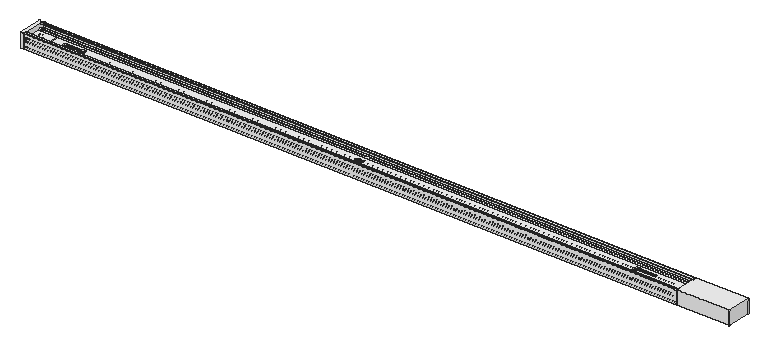
Revit family "SD1010BR_SD1010PTO", category Luminárias, Revit 2023
Family settings
  Hospedeiro = Forro
  Cota do conector redondo = Utilizar diâmetro
  Tipo de parte = Normal
  Número OmniClass = 23.80.70.11
  Título OmniClass = Luminaries for Internal Lighting
  Sempre na vertical = Sim
  Corte com vazios quando carregada = Não
  Fonte luminosa = Não
  Manter orientação da anotação = Não
  Compartilhado = Não
  Ponto de cálculo do ambiente = Não
Parameters (values of type "SD1010BR - BRANCO - 1m")
  URL = "https://stella.com.br/"
  Tensão Elétrica = "127V-220V"
  Referência = "SD1010BR"
  Potência máxima = 1000 W
  Modelo = "Trilho ECO de Sobrepor\r\n\r\nTrilho ECO de Sobrepor\r\nTrace - Trilho de Sobrepor 1m"
  Largura = 0.035 m
  Grau de proteção (IP) = "IP20"
  Fabricante = "Stella"
  Estrutura = Al - Branco
  Elevação padrão = 0.00 m
  Comprimento = 1.00 m
  Altura = 0.021 m
Types (3, lengths in m): name | Referência | Estrutura
  (no name) | "SD1010BR" | Al - Branco
  SD1010BR - BRANCO - 1m | "SD1010BR" | Al - Branco
  SD1010PTO - PRETO - 1m | "SD1010PTO" | Al - Preto
Reference planes (m)
  plane 1 "Eixo de origem da luz (F/T)": y = 0
  plane 2 "Forro": z = 2.5
  plane 3 "Eixo de origem da luz (E/D)": x = 0
  plane 4 "Elevação da origem da luz": z = 2.479
  plane 5: y = 0.0175
  plane 6: y = -0.0175
  plane 7: x = -0.5
  plane 8: x = 0.5
  plane 9 "Inferior": z = 2.479
  plane 10 "Superior": z = 2.5
Forms (m)
  Extrusion 1, solid, material "Al - Branco" <- "Estrutura"
    sketch origin (0, 0, 0) x (0, 1, 0) y (0, 0, 1)
      loop
        line (0.012852, 2.4988) -> (0.0162, 2.4988) -> (0.0162, 2.4936) -> (0.0114, 2.4936)
        arc (0.0114, 2.4936) -> (0.01, 2.494805) -> (0.0086, 2.4936) r 0.001416
        line (0.0086, 2.4936) -> (-0.0086, 2.4936)
        arc (-0.0086, 2.4936) -> (-0.01, 2.494805) -> (-0.0114, 2.4936) r 0.001416
        line (-0.0114, 2.4936) -> (-0.0162, 2.4936) -> (-0.0162, 2.4988) -> (-0.012852, 2.4988)
        spline (-0.012852, 2.4988) -> (-0.012795, 2.498814) -> (-0.012742, 2.498854) -> (-0.012697, 2.498917) -> (-0.012662, 2.499) -> (-0.01264, 2.499096) -> (-0.012633, 2.4992) -> (-0.01264, 2.499304) -> (-0.012662, 2.4994) -> (-0.012697, 2.499483) -> (-0.012742, 2.499546) -> (-0.012795, 2.499586) -> (-0.012852, 2.4996)
        line (-0.012852, 2.4996) -> (-0.0162, 2.4996)
        spline (-0.0162, 2.4996) -> (-0.016214, 2.499704) -> (-0.016254, 2.4998) -> (-0.016317, 2.499883) -> (-0.0164, 2.499946) -> (-0.016496, 2.499986) -> (-0.0166, 2.5) -> (-0.016704, 2.499986) -> (-0.0168, 2.499946) -> (-0.016883, 2.499883) -> (-0.016946, 2.4998) -> (-0.016986, 2.499704) -> (-0.017, 2.4996)
        line (-0.017, 2.4996) -> (-0.017, 2.4805) -> (-0.0083, 2.4805)
        arc (-0.0083, 2.4805) -> (-0.007815, 2.480664) -> (-0.007529, 2.481088) r 0.0008
        line (-0.007529, 2.481088) -> (-0.007529, 2.481912)
        arc (-0.007529, 2.481912) -> (-0.007815, 2.482336) -> (-0.0083, 2.4825) r 0.0008
        line (-0.0083, 2.4825) -> (-0.0094, 2.4825)
        arc (-0.0094, 2.4825) -> (-0.009824, 2.482324) -> (-0.01, 2.4819) r 0.0006
        arc (-0.01, 2.4819) -> (-0.010176, 2.481476) -> (-0.0106, 2.4813) r 0.0006
        line (-0.0106, 2.4813) -> (-0.0135, 2.4813) -> (-0.0135, 2.48285)
        spline (-0.0135, 2.48285) -> (-0.013514, 2.482937) -> (-0.013554, 2.483018) -> (-0.013617, 2.483087) -> (-0.0137, 2.483141) -> (-0.013796, 2.483174) -> (-0.0139, 2.483186) -> (-0.014004, 2.483174) -> (-0.0141, 2.483141) -> (-0.014183, 2.483087) -> (-0.014246, 2.483018) -> (-0.014286, 2.482937) -> (-0.0143, 2.48285)
        line (-0.0143, 2.48285) -> (-0.0143, 2.4813) -> (-0.015611, 2.4813)
        arc (-0.015611, 2.4813) -> (-0.016027, 2.481473) -> (-0.0162, 2.481889) r 0.000589
        line (-0.0162, 2.481889) -> (-0.0162, 2.492214)
        arc (-0.0162, 2.492214) -> (-0.016059, 2.492595) -> (-0.015705, 2.492793) r 0.000586
        line (-0.015705, 2.492793) -> (-0.014795, 2.492793)
        arc (-0.014795, 2.492793) -> (-0.014441, 2.492595) -> (-0.0143, 2.492214) r 0.000586
        line (-0.0143, 2.492214) -> (-0.0143, 2.491289)
        spline (-0.0143, 2.491289) -> (-0.014286, 2.491195) -> (-0.014246, 2.491108) -> (-0.014183, 2.491033) -> (-0.0141, 2.490975) -> (-0.014004, 2.490939) -> (-0.0139, 2.490926) -> (-0.013796, 2.490939) -> (-0.0137, 2.490975) -> (-0.013617, 2.491033) -> (-0.013554, 2.491108) -> (-0.013514, 2.491195) -> (-0.0135, 2.491289)
        line (-0.0135, 2.491289) -> (-0.0135, 2.492214)
        arc (-0.0135, 2.492214) -> (-0.013328, 2.492628) -> (-0.012914, 2.4928) r 0.000586
        line (-0.012914, 2.4928) -> (0.012914, 2.4928)
        arc (0.012914, 2.4928) -> (0.013328, 2.492628) -> (0.0135, 2.492214) r 0.000586
        line (0.0135, 2.492214) -> (0.0135, 2.491289)
        spline (0.0135, 2.491289) -> (0.013514, 2.491195) -> (0.013554, 2.491108) -> (0.013617, 2.491033) -> (0.0137, 2.490975) -> (0.013796, 2.490939) -> (0.0139, 2.490926) -> (0.014004, 2.490939) -> (0.0141, 2.490975) -> (0.014183, 2.491033) -> (0.014246, 2.491108) -> (0.014286, 2.491195) -> (0.0143, 2.491289)
        line (0.0143, 2.491289) -> (0.0143, 2.492214)
        arc (0.0143, 2.492214) -> (0.014441, 2.492595) -> (0.014795, 2.492793) r 0.000586
        line (0.014795, 2.492793) -> (0.015705, 2.492793)
        arc (0.015705, 2.492793) -> (0.016059, 2.492595) -> (0.0162, 2.492214) r 0.000586
        line (0.0162, 2.492214) -> (0.0162, 2.481889)
        arc (0.0162, 2.481889) -> (0.016027, 2.481473) -> (0.015611, 2.4813) r 0.000589
        line (0.015611, 2.4813) -> (0.0143, 2.4813) -> (0.0143, 2.48285)
        spline (0.0143, 2.48285) -> (0.014286, 2.482937) -> (0.014246, 2.483018) -> (0.014183, 2.483087) -> (0.0141, 2.483141) -> (0.014004, 2.483174) -> (0.0139, 2.483186) -> (0.013796, 2.483174) -> (0.0137, 2.483141) -> (0.013617, 2.483087) -> (0.013554, 2.483018) -> (0.013514, 2.482937) -> (0.0135, 2.48285)
        line (0.0135, 2.48285) -> (0.0135, 2.4813) -> (0.0106, 2.4813)
        arc (0.0106, 2.4813) -> (0.010176, 2.481476) -> (0.01, 2.4819) r 0.0006
        arc (0.01, 2.4819) -> (0.009824, 2.482324) -> (0.0094, 2.4825) r 0.0006
        line (0.0094, 2.4825) -> (0.0083, 2.4825)
        arc (0.0083, 2.4825) -> (0.007815, 2.482336) -> (0.007529, 2.481912) r 0.0008
        line (0.007529, 2.481912) -> (0.007529, 2.481088)
        arc (0.007529, 2.481088) -> (0.007815, 2.480664) -> (0.0083, 2.4805) r 0.0008
        line (0.0083, 2.4805) -> (0.013227, 2.4805)
        arc (0.013227, 2.4805) -> (0.013632, 2.480332) -> (0.0138, 2.479927) r 0.000573
        line (0.0138, 2.479927) -> (0.0138, 2.479) -> (0.0162, 2.479)
        arc (0.0162, 2.479) -> (0.016766, 2.479234) -> (0.017, 2.4798) r 0.0008
        line (0.017, 2.4798) -> (0.017, 2.4996)
        spline (0.017, 2.4996) -> (0.016986, 2.499704) -> (0.016946, 2.4998) -> (0.016883, 2.499883) -> (0.0168, 2.499946) -> (0.016704, 2.499986) -> (0.0166, 2.5) -> (0.016496, 2.499986) -> (0.0164, 2.499946) -> (0.016317, 2.499883) -> (0.016254, 2.4998) -> (0.016214, 2.499704) -> (0.0162, 2.4996)
        line (0.0162, 2.4996) -> (0.012852, 2.4996)
        spline (0.012852, 2.4996) -> (0.012795, 2.499586) -> (0.012742, 2.499546) -> (0.012697, 2.499483) -> (0.012662, 2.4994) -> (0.01264, 2.499304) -> (0.012633, 2.4992) -> (0.01264, 2.499096) -> (0.012662, 2.499) -> (0.012697, 2.498917) -> (0.012742, 2.498854) -> (0.012795, 2.498814) -> (0.012852, 2.4988)
      loop
        circle (-0.009634, 2.487) r 0.001
      loop
        circle (0.009634, 2.487) r 0.001
    from -0.4945 to 0.4255
  Extrusion 2, solid, material "Al - Branco" <- "Estrutura"
    sketch origin (0, 0, 0) x (0, 1, 0) y (0, 0, 1)
      loop
        line (0.013671, 2.4893) -> (0.0085, 2.4893)
        arc (0.0085, 2.4893) -> (0.007991, 2.48865) -> (0.0085, 2.488) r 0.000669
        line (0.0085, 2.488) -> (0.009865, 2.488)
        spline (0.009865, 2.488) -> (0.010106, 2.487966) -> (0.01033, 2.487866) -> (0.010523, 2.487707) -> (0.010671, 2.4875) -> (0.010763, 2.487259) -> (0.010795, 2.487) -> (0.010763, 2.486741) -> (0.010671, 2.4865) -> (0.010523, 2.486293) -> (0.01033, 2.486134) -> (0.010106, 2.486034) -> (0.009865, 2.486)
        line (0.009865, 2.486) -> (0.0085, 2.486)
        arc (0.0085, 2.486) -> (0.007991, 2.48535) -> (0.0085, 2.4847) r 0.000669
        line (0.0085, 2.4847) -> (0.013671, 2.4847)
        arc (0.013671, 2.4847) -> (0.014166, 2.484495) -> (0.014371, 2.484) r 0.0007
        line (0.014371, 2.484) -> (0.014371, 2.482452)
        spline (0.014371, 2.482452) -> (0.014391, 2.482322) -> (0.014451, 2.482201) -> (0.014546, 2.482097) -> (0.014671, 2.482017) -> (0.014815, 2.481967) -> (0.014971, 2.48195) -> (0.015126, 2.481967) -> (0.015271, 2.482017) -> (0.015395, 2.482097) -> (0.01549, 2.482201) -> (0.01555, 2.482322) -> (0.015571, 2.482452)
        line (0.015571, 2.482452) -> (0.015571, 2.485276)
        arc (0.015571, 2.485276) -> (0.015307, 2.485912) -> (0.014671, 2.486176) r 0.0009
        line (0.014671, 2.486176) -> (0.013147, 2.486176)
        spline (0.013147, 2.486176) -> (0.012968, 2.486207) -> (0.012801, 2.486298) -> (0.012657, 2.486443) -> (0.012547, 2.486632) -> (0.012478, 2.486852) -> (0.012454, 2.487088) -> (0.012478, 2.487324) -> (0.012547, 2.487544) -> (0.012657, 2.487733) -> (0.012801, 2.487878) -> (0.012968, 2.487969) -> (0.013147, 2.488)
        line (0.013147, 2.488) -> (0.014671, 2.488)
        arc (0.014671, 2.488) -> (0.015307, 2.488264) -> (0.015571, 2.4889) r 0.0009
        line (0.015571, 2.4889) -> (0.015571, 2.49148)
        spline (0.015571, 2.49148) -> (0.01555, 2.49161) -> (0.01549, 2.491731) -> (0.015395, 2.491835) -> (0.015271, 2.491914) -> (0.015126, 2.491965) -> (0.014971, 2.491982) -> (0.014815, 2.491965) -> (0.014671, 2.491914) -> (0.014546, 2.491835) -> (0.014451, 2.491731) -> (0.014391, 2.49161) -> (0.014371, 2.49148)
        line (0.014371, 2.49148) -> (0.014371, 2.49)
        arc (0.014371, 2.49) -> (0.014166, 2.489505) -> (0.013671, 2.4893) r 0.0007
      loop
        arc (-0.013671, 2.4893) -> (-0.014166, 2.489505) -> (-0.014371, 2.49) r 0.0007
        line (-0.014371, 2.49) -> (-0.014371, 2.49148)
        spline (-0.014371, 2.49148) -> (-0.014391, 2.49161) -> (-0.014451, 2.491731) -> (-0.014546, 2.491835) -> (-0.014671, 2.491914) -> (-0.014815, 2.491965) -> (-0.014971, 2.491982) -> (-0.015126, 2.491965) -> (-0.015271, 2.491914) -> (-0.015395, 2.491835) -> (-0.01549, 2.491731) -> (-0.01555, 2.49161) -> (-0.015571, 2.49148)
        line (-0.015571, 2.49148) -> (-0.015571, 2.4889)
        arc (-0.015571, 2.4889) -> (-0.015307, 2.488264) -> (-0.014671, 2.488) r 0.0009
        line (-0.014671, 2.488) -> (-0.013147, 2.488)
        spline (-0.013147, 2.488) -> (-0.012968, 2.487969) -> (-0.012801, 2.487878) -> (-0.012657, 2.487733) -> (-0.012547, 2.487544) -> (-0.012478, 2.487324) -> (-0.012454, 2.487088) -> (-0.012478, 2.486852) -> (-0.012547, 2.486632) -> (-0.012657, 2.486443) -> (-0.012801, 2.486298) -> (-0.012968, 2.486207) -> (-0.013147, 2.486176)
        line (-0.013147, 2.486176) -> (-0.014671, 2.486176)
        arc (-0.014671, 2.486176) -> (-0.015307, 2.485912) -> (-0.015571, 2.485276) r 0.0009
        line (-0.015571, 2.485276) -> (-0.015571, 2.482452)
        spline (-0.015571, 2.482452) -> (-0.01555, 2.482322) -> (-0.01549, 2.482201) -> (-0.015395, 2.482097) -> (-0.015271, 2.482017) -> (-0.015126, 2.481967) -> (-0.014971, 2.48195) -> (-0.014815, 2.481967) -> (-0.014671, 2.482017) -> (-0.014546, 2.482097) -> (-0.014451, 2.482201) -> (-0.014391, 2.482322) -> (-0.014371, 2.482452)
        line (-0.014371, 2.482452) -> (-0.014371, 2.484)
        arc (-0.014371, 2.484) -> (-0.014166, 2.484495) -> (-0.013671, 2.4847) r 0.0007
        line (-0.013671, 2.4847) -> (-0.0085, 2.4847)
        arc (-0.0085, 2.4847) -> (-0.007991, 2.48535) -> (-0.0085, 2.486) r 0.000669
        line (-0.0085, 2.486) -> (-0.009865, 2.486)
        spline (-0.009865, 2.486) -> (-0.010106, 2.486034) -> (-0.01033, 2.486134) -> (-0.010523, 2.486293) -> (-0.010671, 2.4865) -> (-0.010763, 2.486741) -> (-0.010795, 2.487) -> (-0.010763, 2.487259) -> (-0.010671, 2.4875) -> (-0.010523, 2.487707) -> (-0.01033, 2.487866) -> (-0.010106, 2.487966) -> (-0.009865, 2.488)
        line (-0.009865, 2.488) -> (-0.0085, 2.488)
        arc (-0.0085, 2.488) -> (-0.007991, 2.48865) -> (-0.0085, 2.4893) r 0.000669
        line (-0.0085, 2.4893) -> (-0.013671, 2.4893)
    from -0.4945 to 0.4255
  Extrusion 3, solid, material "Al - Branco" <- "Estrutura"
    sketch origin (0, 0, 2.479) x (0, -1, 0) y (1, 0, 0)
      loop
        line (-0.017, 0.4985) -> (-0.017, 0.4255) -> (0.017, 0.4255) -> (0.017, 0.4985)
        arc (0.017, 0.4985) -> (0.016707, 0.499207) -> (0.016, 0.4995) r 0.001
        line (0.016, 0.4995) -> (-0.016, 0.4995)
        arc (-0.016, 0.4995) -> (-0.016707, 0.499207) -> (-0.017, 0.4985) r 0.001
    from 0.0015 to 0.021
  Extrusion 4, solid, material "Al - Branco" <- "Estrutura"
    sketch origin (0, -0.000836, 2.479) x (0, -1, 0) y (1, 0, 0)
      loop
        arc (0.002464, 0.3925) -> (0.005293, 0.393672) -> (0.006464, 0.3965) r 0.004
        line (0.006464, 0.3965) -> (0.006464, 0.4255) -> (-0.0073, 0.4255) -> (-0.0073, 0.3965)
        arc (-0.0073, 0.3965) -> (-0.006129, 0.393672) -> (-0.0033, 0.3925) r 0.004
        line (-0.0033, 0.3925) -> (0.002464, 0.3925)
    from 0.0015 to 0.0135
  Extrusion 5, solid, material "Al - Branco" <- "Estrutura"
    sketch origin (0, -0.000836, 2.479) x (0, -1, 0) y (1, 0, 0)
      loop
        arc (-0.0075, 0.394169) -> (-0.00556, 0.392933) -> (-0.0033, 0.3925) r 0.006118
        arc (-0.0033, 0.3925) -> (-0.006129, 0.393672) -> (-0.0073, 0.3965) r 0.004
        line (-0.0073, 0.3965) -> (-0.0073, 0.4255) -> (-0.00872, 0.4255) -> (-0.00872, 0.396786)
        arc (-0.00872, 0.396786) -> (-0.00836, 0.395361) -> (-0.0075, 0.394169) r 0.003914
    from 0.0035 to 0.0057
  Extrusion 6, solid, material "Al - Branco" <- "Estrutura"
    sketch origin (0, 0, 2.479) x (0, -1, 0) y (1, 0, 0)
      loop
        arc (0.0075, 0.394169) -> (0.00836, 0.395361) -> (0.00872, 0.396786) r 0.003914
        line (0.00872, 0.396786) -> (0.00872, 0.4255) -> (0.0073, 0.4255) -> (0.0073, 0.3965)
        arc (0.0073, 0.3965) -> (0.006129, 0.393672) -> (0.0033, 0.3925) r 0.004
        arc (0.0033, 0.3925) -> (0.00556, 0.392933) -> (0.0075, 0.394169) r 0.006118
    from 0.0035 to 0.0057
  Extrusion 7, solid, material "Al - Branco" <- "Estrutura"
    sketch origin (0, 0, 2.484) x (0, -1, 0) y (1, 0, 0)
      loop
        arc (0.0075, 0.394169) -> (0.00836, 0.395361) -> (0.00872, 0.396786) r 0.003914
        line (0.00872, 0.396786) -> (0.00872, 0.4255) -> (0.0073, 0.4255) -> (0.0073, 0.3965)
        arc (0.0073, 0.3965) -> (0.006129, 0.393672) -> (0.0033, 0.3925) r 0.004
        arc (0.0033, 0.3925) -> (0.00556, 0.392933) -> (0.0075, 0.394169) r 0.006118
    from 0.006 to 0.0085
  Extrusion 8, solid, material "Al - Branco" <- "Estrutura"
    sketch origin (0, -0.000836, 2.484) x (0, -1, 0) y (1, 0, 0)
      loop
        arc (-0.0075, 0.394169) -> (-0.00556, 0.392933) -> (-0.0033, 0.3925) r 0.006118
        arc (-0.0033, 0.3925) -> (-0.006129, 0.393672) -> (-0.0073, 0.3965) r 0.004
        line (-0.0073, 0.3965) -> (-0.0073, 0.4255) -> (-0.00872, 0.4255) -> (-0.00872, 0.396786)
        arc (-0.00872, 0.396786) -> (-0.00836, 0.395361) -> (-0.0075, 0.394169) r 0.003914
    from 0.006 to 0.0085
  Extrusion 9, solid, material "Al - Branco" <- "Estrutura"
    sketch origin (0, 0, 2.479) x (0, 1, 0) y (-1, 0, 0)
      loop
        arc (0.017, 0.4985) -> (0.016707, 0.499207) -> (0.016, 0.4995) r 0.001
        line (0.016, 0.4995) -> (-0.016, 0.4995)
        arc (-0.016, 0.4995) -> (-0.016707, 0.499207) -> (-0.017, 0.4985) r 0.001
        line (-0.017, 0.4985) -> (-0.017, 0.4945) -> (0.017, 0.4945) -> (0.017, 0.4985)
    from 0.0015 to 0.021
  Sweep 10, solid, material "Al - Branco" <- "Estrutura"
    path origin (0.000002, -0.000005, 2.479) x (0, -1, 0) y (1, 0, 0)
      loop
        line (-0.011919, -0.4945) -> (-0.011919, -0.472)
        arc (-0.011919, -0.472) -> (-0.011187, -0.470232) -> (-0.009419, -0.4695) r 0.0025
        line (-0.009419, -0.4695) -> (0.009409, -0.4695)
        arc (0.009409, -0.4695) -> (0.011177, -0.470232) -> (0.011909, -0.472) r 0.0025
        line (0.011909, -0.472) -> (0.011909, -0.4945)
    profile origin (-0.483248, 0.011914, 2.479) x (0, 1, 0) y (0, 0, 1)
      loop
        arc (-0.00125, 0.01111) -> (0, 0.01236) -> (-0.00125, 0.01361) r 0.00125
        line (-0.00125, 0.01361) -> (-0.00245, 0.01361) -> (-0.00245, 0.01111) -> (-0.00125, 0.01111)
  Extrusion 11, solid, material "Al - Branco" <- "Estrutura"
    sketch origin (0, 0.05, 0) x (0, 1, 0) y (0, 0, 1)
      loop
        line (-0.040536, 2.49011) -> (-0.040536, 2.49261) -> (-0.059464, 2.49261) -> (-0.059464, 2.49011) -> (-0.040536, 2.49011)
    from -0.494498 to -0.471948
  Extrusion 12, solid, material "Al - Branco" <- "Estrutura"
    sketch origin (0, 0.05, -0.0075) x (0, 1, 0) y (0, 0, 1)
      loop
        line (-0.042504, 2.49011) -> (-0.042504, 2.49261) -> (-0.057466, 2.49261) -> (-0.057466, 2.49011) -> (-0.042504, 2.49011)
    from -0.494498 to -0.48295
  Sweep 13, solid, material "Al - Branco" <- "Estrutura"
    path origin (0.000002, -0.000005, 2.4715) x (0, -1, 0) y (1, 0, 0)
      loop
        line (-0.009951, -0.494502) -> (-0.009951, -0.483002)
        arc (-0.009951, -0.483002) -> (-0.009219, -0.481234) -> (-0.007451, -0.480502) r 0.0025
        line (-0.007451, -0.480502) -> (0.00741, -0.480502)
        arc (0.00741, -0.480502) -> (0.009178, -0.481234) -> (0.00991, -0.483002) r 0.0025
        line (0.00991, -0.483002) -> (0.00991, -0.494502)
    profile origin (-0.48875, 0.009946, 2.4715) x (0, 1, 0) y (0, 0, 1)
      loop
        arc (-0.00125, 0.01111) -> (0, 0.01236) -> (-0.00125, 0.01361) r 0.00125
        line (-0.00125, 0.01361) -> (-0.00245, 0.01361) -> (-0.00245, 0.01111) -> (-0.00125, 0.01111)
  Extrusion 14, void
    sketch origin (0, 0, 2.479) x (0, -1, 0) y (1, 0, 0)
      loop
        arc (0.002008, -0.427807) -> (-0.000242, -0.4205) -> (-0.002492, -0.427807) r 0.004
        line (-0.002492, -0.427807) -> (-0.002492, -0.4495)
        arc (-0.002492, -0.4495) -> (-0.001833, -0.451091) -> (-0.000242, -0.45175) r 0.00225
        arc (-0.000242, -0.45175) -> (0.001349, -0.451091) -> (0.002008, -0.4495) r 0.00225
        line (0.002008, -0.4495) -> (0.002008, -0.427807)
      loop
        arc (0.0001, -0.041) -> (0.001868, -0.040268) -> (0.0026, -0.0385) r 0.0025
        line (0.0026, -0.0385) -> (0.0026, -0.0305)
        arc (0.0026, -0.0305) -> (0.0001, -0.028) -> (-0.0024, -0.0305) r 0.0025
        line (-0.0024, -0.0305) -> (-0.0024, -0.0385)
        arc (-0.0024, -0.0385) -> (-0.001668, -0.040268) -> (0.0001, -0.041) r 0.0025
      loop
        arc (-0.000242, 0.3515) -> (0.003581, 0.354323) -> (0.002008, 0.358807) r 0.004
        line (0.002008, 0.358807) -> (0.002008, 0.3805)
        arc (0.002008, 0.3805) -> (-0.000242, 0.38275) -> (-0.002492, 0.3805) r 0.00225
        line (-0.002492, 0.3805) -> (-0.002492, 0.358807)
        arc (-0.002492, 0.358807) -> (-0.004065, 0.354323) -> (-0.000242, 0.3515) r 0.004
    from 0.013793 to 0.021
Cuts and joins
  joined: Extrusion 3, Extrusion 4, Extrusion 5, Extrusion 6, Extrusion 7, Extrusion 8
  joined: Extrusion 9, Sweep 10, Extrusion 11, Extrusion 12, Sweep 13
  Extrusion 14 cuts Extrusion 1
Dimensions and locks (m)
  equal spacing: host sketch curve, plane 3 "Eixo de origem da luz (E/D)", host sketch curve
  equal spacing: host sketch curve, plane 1 "Eixo de origem da luz (F/T)", host sketch curve
  host sketch curve to host sketch curve = 1.01 m
  host sketch curve to host sketch curve = 0.045 m
  "Comprimento": plane 7 to plane 8
  "Largura": plane 5 to plane 6
  "Altura": plane 10 "Superior" to plane 9 "Inferior"
Automatic sketch dimensions
  Extrusion 1 sketch curve to Extrusion 1 sketch curve = 0.00 m  (x10)
  plane 4 "Elevação da origem da luz" to Extrusion 1 sketch curve = 0.00 m
  plane 6 to Extrusion 1 sketch curve = 0.0005 m
  plane 6 to Extrusion 1 sketch curve = 0.0013 m  (x2)
  Extrusion 1 sketch curve to Extrusion 1 sketch curve = 0.0008 m  (x7)
  Extrusion 1 sketch curve to Extrusion 1 sketch curve = 0.000495 m  (x2)
  Extrusion 1 sketch curve to Extrusion 1 sketch curve = 0.000091 m  (x3)
  Extrusion 1 sketch curve to Extrusion 1 sketch curve = 0.000589 m
  Extrusion 1 sketch curve to Extrusion 1 sketch curve = 0.000728 m  (x2)
  Extrusion 1 sketch curve to Extrusion 1 sketch curve = 0.000586 m  (x5)
  Extrusion 1 sketch curve to Extrusion 1 sketch curve = 0.001311 m  (x2)
  Extrusion 1 sketch curve to plane 2 "Forro" = 0.0012 m
  Extrusion 1 sketch curve to Extrusion 1 sketch curve = 0.003348 m
  Extrusion 1 sketch curve to Extrusion 1 sketch curve = 0.001514 m  (x2)
  Extrusion 1 sketch curve to Extrusion 1 sketch curve = 0.0029 m
  Extrusion 1 sketch curve to Extrusion 1 sketch curve = 0.0014 m  (x4)
  Extrusion 1 sketch curve to Extrusion 1 sketch curve = 0.000966 m
  Extrusion 1 sketch curve to Extrusion 1 sketch curve = 0.0012 m  (x2)
  Extrusion 1 sketch curve to Extrusion 1 sketch curve = 0.0011 m  (x3)
  Extrusion 1 sketch curve to Extrusion 1 sketch curve = 0.000771 m  (x2)
  Extrusion 1 sketch curve to plane 4 "Elevação da origem da luz" = 0.002088 m
  Extrusion 1 sketch curve to plane 1 "Eixo de origem da luz (F/T)" = 0.007529 m
  Extrusion 1 sketch curve to plane 1 "Eixo de origem da luz (F/T)" = 0.0086 m
  Extrusion 1 sketch curve to Extrusion 1 sketch curve = 0.000234 m
  Extrusion 1 sketch curve to plane 2 "Forro" = 0.0004 m  (x2)
  Extrusion 1 sketch curve to plane 5 = 0.004648 m
  Extrusion 1 sketch curve to plane 4 "Elevação da origem da luz" = 0.000927 m
  Extrusion 1 sketch curve to Extrusion 1 sketch curve = 0.002627 m
  Extrusion 1 sketch curve to Extrusion 1 sketch curve = 0.000273 m
  Extrusion 1 sketch curve to Extrusion 1 sketch curve = 0.000573 m
  Extrusion 1 sketch curve to plane 5 = 0.0013 m  (x2)
  Extrusion 1 sketch curve to plane 5 = 0.0005 m
  Extrusion 1 sketch curve to plane 4 "Elevação da origem da luz" = 0.0015 m
  Extrusion 1 sketch curve to Extrusion 1 sketch curve = 0.000588 m
  Extrusion 1 sketch curve to plane 4 "Elevação da origem da luz" = 0.0023 m
  Extrusion 1 sketch curve to Extrusion 1 sketch curve = 0.0004 m  (x2)
  Extrusion 1 sketch curve to Extrusion 1 sketch curve = 0.0006 m
  Extrusion 1 sketch curve to Extrusion 1 sketch curve = 0.0002 m
  Extrusion 1 sketch curve to Extrusion 1 sketch curve = 0.000212 m  (x2)
  Extrusion 1 sketch curve to Extrusion 1 sketch curve = 0.00155 m  (x2)
  Extrusion 1 sketch curve to Extrusion 1 sketch curve = 0.0045 m  (x2)
  Extrusion 1 sketch curve to Extrusion 1 sketch curve = 0.004289 m  (x2)
  Extrusion 1 sketch curve to Extrusion 1 sketch curve = 0.000925 m  (x2)
  Extrusion 1 sketch curve to Extrusion 1 sketch curve = 0.00059 m  (x2)
  Extrusion 1 sketch curve to Extrusion 1 sketch curve = 0.000807 m
  Extrusion 1 sketch curve to Extrusion 1 sketch curve = 0.001 m  (x2)
  plane 6 to Extrusion 2 sketch curve = 0.001929 m  (x2)
  Extrusion 2 sketch curve to Extrusion 2 sketch curve = 0.0009 m  (x3)
  Extrusion 2 sketch curve to Extrusion 2 sketch curve = 0.0012 m  (x3)
  Extrusion 2 sketch curve to Extrusion 2 sketch curve = 0.0007 m  (x4)
  Extrusion 2 sketch curve to Extrusion 2 sketch curve = 0.001524 m  (x2)
  Extrusion 2 sketch curve to Extrusion 2 sketch curve = 0.003282 m  (x2)
  Extrusion 2 sketch curve to Extrusion 2 sketch curve = 0.001205 m  (x2)
  Extrusion 2 sketch curve to Extrusion 2 sketch curve = 0.00016 m  (x6)
  Extrusion 2 sketch curve to plane 1 "Eixo de origem da luz (F/T)" = 0.0085 m
  Extrusion 2 sketch curve to Extrusion 2 sketch curve = 0.00 m  (x3)
  Extrusion 2 sketch curve to Extrusion 2 sketch curve = 0.001365 m
  Extrusion 2 sketch curve to Extrusion 2 sketch curve = 0.000524 m  (x2)
  Extrusion 2 sketch curve to Extrusion 2 sketch curve = 0.001 m
  Extrusion 2 sketch curve to plane 4 "Elevação da origem da luz" = 0.003452 m  (x2)
  Extrusion 2 sketch curve to Extrusion 2 sketch curve = 0.001548 m  (x2)
  Extrusion 2 sketch curve to Extrusion 2 sketch curve = 0.001276 m  (x2)
  Extrusion 2 sketch curve to Extrusion 2 sketch curve = 0.00065 m  (x4)
  Extrusion 2 sketch curve to Extrusion 2 sketch curve = 0.002 m  (x2)
  Extrusion 2 sketch curve to Extrusion 2 sketch curve = 0.001824 m  (x2)
  Extrusion 2 sketch curve to Extrusion 2 sketch curve = 0.00148 m  (x2)
  Extrusion 3 sketch curve to plane 5 = 0.0005 m
  Extrusion 3 sketch curve to plane 8 = 0.0005 m
  Extrusion 3 sketch curve to Extrusion 3 sketch curve = 0.001 m
  plane 6 to Extrusion 3 sketch curve = 0.0015 m
  plane 6 to Extrusion 3 sketch curve = 0.0005 m
  Extrusion 3 sketch curve to Extrusion 3 sketch curve = 0.073 m
  Extrusion 4 sketch curve to plane 1 "Eixo de origem da luz (F/T)" = 0.006464 m
  Extrusion 4 sketch curve to plane 1 "Eixo de origem da luz (F/T)" = 0.002464 m
  plane 1 "Eixo de origem da luz (F/T)" to Extrusion 4 sketch curve = 0.0033 m
  Extrusion 4 sketch curve to Extrusion 4 sketch curve = 0.004 m
  Extrusion 4 sketch curve to plane 8 = 0.1075 m
  Extrusion 4 sketch curve to Extrusion 4 sketch curve = 0.029 m
  Extrusion 5 sketch curve to plane 1 "Eixo de origem da luz (F/T)" = 0.007884 m
  Extrusion 5 sketch curve to Extrusion 5 sketch curve = 0.00142 m
  Extrusion 5 sketch curve to Extrusion 5 sketch curve = 0.002487 m
  Extrusion 5 sketch curve to Extrusion 5 sketch curve = 0.001513 m
  Extrusion 5 sketch curve to plane 8 = 0.1035 m
  Extrusion 5 sketch curve to Extrusion 5 sketch curve = 0.000286 m
  Extrusion 5 sketch curve to Extrusion 5 sketch curve = 0.000515 m
  Extrusion 5 sketch curve to Extrusion 5 sketch curve = 0.002118 m
  Extrusion 5 sketch curve to Extrusion 5 sketch curve = 0.026882 m
  Extrusion 5 sketch curve to Extrusion 5 sketch curve = 0.00 m
  plane 1 "Eixo de origem da luz (F/T)" to Extrusion 6 sketch curve = 0.0033 m
  Extrusion 6 sketch curve to Extrusion 6 sketch curve = 0.001513 m
  Extrusion 6 sketch curve to Extrusion 6 sketch curve = 0.002487 m
  Extrusion 6 sketch curve to Extrusion 6 sketch curve = 0.00142 m
  Extrusion 6 sketch curve to plane 8 = 0.1035 m
  Extrusion 6 sketch curve to Extrusion 6 sketch curve = 0.000286 m
  Extrusion 6 sketch curve to Extrusion 6 sketch curve = 0.000515 m
  Extrusion 6 sketch curve to Extrusion 6 sketch curve = 0.002118 m
  Extrusion 6 sketch curve to Extrusion 6 sketch curve = 0.026882 m
  Extrusion 6 sketch curve to Extrusion 6 sketch curve = 0.00 m
  plane 1 "Eixo de origem da luz (F/T)" to Extrusion 7 sketch curve = 0.0033 m
  Extrusion 7 sketch curve to Extrusion 7 sketch curve = 0.001513 m
  Extrusion 7 sketch curve to Extrusion 7 sketch curve = 0.002487 m
  Extrusion 7 sketch curve to Extrusion 7 sketch curve = 0.00142 m
  Extrusion 7 sketch curve to plane 8 = 0.1035 m
  Extrusion 7 sketch curve to Extrusion 7 sketch curve = 0.000286 m
  Extrusion 7 sketch curve to Extrusion 7 sketch curve = 0.000515 m
  Extrusion 7 sketch curve to Extrusion 7 sketch curve = 0.002118 m
  Extrusion 7 sketch curve to Extrusion 7 sketch curve = 0.026882 m
  Extrusion 7 sketch curve to Extrusion 7 sketch curve = 0.00 m
  Extrusion 8 sketch curve to plane 1 "Eixo de origem da luz (F/T)" = 0.007884 m
  Extrusion 8 sketch curve to Extrusion 8 sketch curve = 0.00142 m
  Extrusion 8 sketch curve to Extrusion 8 sketch curve = 0.002487 m
  Extrusion 8 sketch curve to Extrusion 8 sketch curve = 0.001513 m
  Extrusion 8 sketch curve to plane 8 = 0.1035 m
  Extrusion 8 sketch curve to Extrusion 8 sketch curve = 0.000286 m
  Extrusion 8 sketch curve to Extrusion 8 sketch curve = 0.000515 m
  Extrusion 8 sketch curve to Extrusion 8 sketch curve = 0.002118 m
  Extrusion 8 sketch curve to Extrusion 8 sketch curve = 0.026882 m
  Extrusion 8 sketch curve to Extrusion 8 sketch curve = 0.00 m
  plane 6 to Extrusion 9 sketch curve = 0.0005 m
  plane 7 to Extrusion 9 sketch curve = 0.0005 m
  Extrusion 9 sketch curve to Extrusion 9 sketch curve = 0.001 m
  Extrusion 9 sketch curve to plane 5 = 0.0015 m
  Extrusion 9 sketch curve to plane 5 = 0.0005 m
  Extrusion 9 sketch curve to Extrusion 9 sketch curve = 0.004 m
  Sweep 10 sketch curve to plane 5 = 0.005586 m
  Sweep 10 sketch curve to Sweep 10 sketch curve = 0.0025 m  (x2)
  plane 6 to Sweep 10 sketch curve = 0.008086 m
  plane 7 to Sweep 10 sketch curve = 0.028002 m
  plane 7 to Sweep 10 sketch curve = 0.005502 m  (x2)
  profile plane to Sweep 10 sketch curve = 0.00245 m
  Sweep 10 sketch curve to Sweep 10 sketch curve = 0.0012 m
  Sweep 10 sketch curve to plane 4 "Elevação da origem da luz" = 0.01111 m
  Sweep 10 sketch curve to Sweep 10 sketch curve = 0.00125 m
  plane 6 to Extrusion 11 sketch curve = 0.008036 m
  Extrusion 11 sketch curve to plane 5 = 0.008036 m
  Extrusion 11 sketch curve to plane 2 "Forro" = 0.00989 m
  Extrusion 11 sketch curve to Extrusion 11 sketch curve = 0.0025 m
  Extrusion 12 sketch curve to plane 4 "Elevação da origem da luz" = 0.00361 m
  plane 1 "Eixo de origem da luz (F/T)" to Extrusion 12 sketch curve = 0.007466 m
  Extrusion 12 sketch curve to plane 1 "Eixo de origem da luz (F/T)" = 0.007496 m
  Extrusion 12 sketch curve to Extrusion 12 sketch curve = 0.0025 m
  Sweep 13 sketch curve to plane 5 = 0.007554 m
  Sweep 13 sketch curve to Sweep 13 sketch curve = 0.0025 m  (x2)
  plane 1 "Eixo de origem da luz (F/T)" to Sweep 13 sketch curve = 0.007416 m
  plane 7 to Sweep 13 sketch curve = 0.017 m
  plane 7 to Sweep 13 sketch curve = 0.0055 m  (x2)
  profile plane to Sweep 13 sketch curve = 0.00245 m
  Sweep 13 sketch curve to Sweep 13 sketch curve = 0.0012 m
  profile plane to Sweep 13 sketch curve = 0.01111 m
  Sweep 13 sketch curve to Sweep 13 sketch curve = 0.00125 m
  Extrusion 14 sketch curve to Extrusion 14 sketch curve = 0.00 m  (x6)
  Extrusion 14 sketch curve to plane 1 "Eixo de origem da luz (F/T)" = 0.002492 m  (x2)
  Extrusion 14 sketch curve to plane 1 "Eixo de origem da luz (F/T)" = 0.0024 m
  Extrusion 14 sketch curve to plane 1 "Eixo de origem da luz (F/T)" = 0.000242 m  (x4)
  plane 1 "Eixo de origem da luz (F/T)" to Extrusion 14 sketch curve = 0.0001 m
  plane 7 to Extrusion 14 sketch curve = 0.0505 m
  Extrusion 14 sketch curve to Extrusion 14 sketch curve = 0.021693 m  (x2)
  Extrusion 14 sketch curve to Extrusion 14 sketch curve = 0.003307 m  (x2)
  Extrusion 14 sketch curve to plane 3 "Eixo de origem da luz (E/D)" = 0.0385 m
  Extrusion 14 sketch curve to Extrusion 14 sketch curve = 0.008 m
  Extrusion 14 sketch curve to plane 8 = 0.1445 m
Connectors (m)
  electrical at (0, 0, 2.5)
    settings: index 1, voltage 0 V, apparent load 0 VA, apparent load phase1 0 VA, apparent load phase2 0 VA, apparent load phase3 0 VA, power factor 1, load classification "Outro", number of poles 1, system type 31, power factor state 1, is connector primary yes, connector utility no, sub classification motor no, connector description ""
